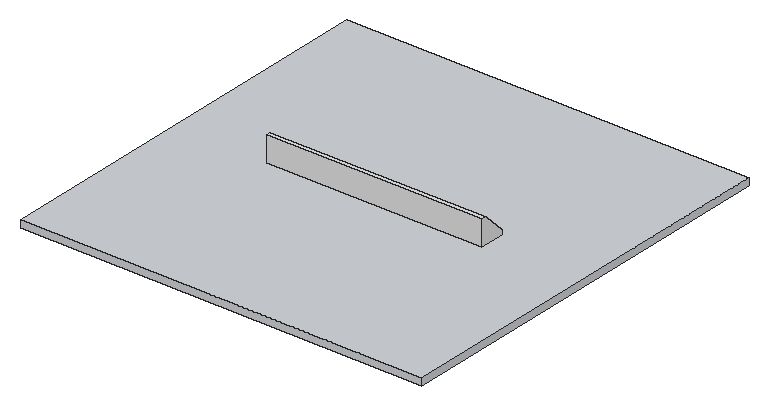
Revit family "Thorn DUROLIGHT-C", category Lighting Fixtures, host Face, Revit 2018
Family settings
  Host = Face
  Round Connector Dimension = Use Diameter
  Part Type = Normal
  OmniClass Number = 23.80.70.11
  OmniClass Title = Luminaries for Internal Lighting
  Cut with Voids When Loaded = No
  Light Source = Yes
  Shared = No
  Room Calculation Point = No
Parameters (values of type "DUROLIGHT-C 4500-840 HFIX L1515")
  Width = 175 mm  # constant formula
  Wattage Comments = ""
  Wattage = 30.2743 W
  built-in parameter 1150110 = 1 (stored number, unit not read)
  Voltage = 230 V
  URL = "www.thornlighting.com/96633078"
  Type Comments = "© Thorn. We reserve the right to make technical changes without prior notice."  # constant formula
  built-in parameter 1114217 = 1 (stored number, unit not read)
  Tilt Angle = -90.00°
  built-in parameter 1150109 = 1 (stored number, unit not read)
  built-in parameter 1150134 = 12
  built-in parameter 1150113 = 1 (stored number, unit not read)
  Photometric Web File = "60300078_(STD_LEO).IES"
  Model = "96633078"
  Manufacturer = "Thorn Lighting"  # constant formula
  built-in parameter 1150105 = 357.86 (stored number, unit not read)
  Lumens = 4497 lm
  built-in parameter 1150115 = 1 (stored number, unit not read)
  built-in parameter 1150137 = (empty or 0)
  built-in parameter 1150139 = (empty or 0)
  Length = 1515 mm  # constant formula
  built-in parameter 1150112 = 1 (stored number, unit not read)
  built-in parameter 1150114 = 1 (stored number, unit not read)
  Lamp = "LED"
  built-in parameter 1150132 = 2
  built-in parameter 1150102 = (empty or 0)
  built-in parameter 1150107 = 4000 (stored number, unit not read)
  built-in parameter 1150138 = (empty or 0)
  built-in parameter 1150106 = 3.5786 (stored number, unit not read)
  Height = 175 mm  # constant formula
  Emit from Rectangle Width = Length - 70 mm  # 1445 mm
  Emit from Rectangle Length = 135 mm  # constant formula
  Emit Shape Visible in Rendering = no
  built-in parameter 1150104 = 13.8 (stored number, unit not read)
  Dimming Lamp Color Temperature Shift = <None>
  Description = "Surface mount LED luminaire"  # constant formula
  Default Elevation = 0 mm
  Cover = Thorn_PMMA
  Color Filter = 16777215
  Body = Thorn_Metal_Light_Grey
  built-in parameter 1114218 = 1 (stored number, unit not read)
  built-in parameter 1150133 = 10 (stored number, unit not read)
  Assembly Code = "D5020200"
  Apparent Load = 47.7 VA
Reference planes
  plane 1 "Center (Front/Back)": y = 0
  plane 2 "Top": z = 0
  plane 3 "Center (Left/Right)": x = 399.5
  plane 4: y = 87.5
  plane 5 "Bottom": y = -87.5
  plane 6 "Left": x = -358
  plane 7 "Right": x = 1157
  plane 8 "Top Body": z = 175
  plane 9: x = -338
  plane 10: x = 1137
  plane 11: through (0, 87.5, 30) normal (0, 0.7071, 0.7071)
  plane 12: through (0, -57.5, 175) normal (0, 0.7071, -0.7071)
  plane 13: through (0, 87.5, 30) normal (0, 0.7071, -0.7071)
  plane 14: through (0, -43.358, 160.858) normal (0, 0.7071, -0.7071)
  plane 15: through (0, 73.358, 44.142) normal (0, 0.7071, -0.7071)
  plane 16: through (0, 73.358, 15.858) normal (0, 0.7071, 0.7071)
  plane 17: through (0, 62.751, 54.749) normal (0, 0.7071, -0.7071)
  plane 18: through (0, -32.751, 150.251) normal (0, 0.7071, -0.7071)
  plane 19: x = -323
  plane 20: x = 1122
Forms (mm)
  Extrusion 1, solid
    sketch origin (0, 0, 0) x (1, 0, 0) y (0, 1, 0)
      loop
        line (-1010.5, 1431.145) -> (-1010.5, -1431.145) -> (1809.5, -1431.145) -> (1809.5, 1431.145) -> (-1010.5, 1431.145)
    from 0 to -52.502
  Extrusion 2, solid, material "Thorn_Metal_Light_Grey" <- "Body"
    sketch origin (399.5, 0, 0) x (0, 0, -1) y (0, 1, 0)
      loop
        line (0, 87.5) -> (-30, 87.5) -> (-175, -57.5) -> (-175, -87.5) -> (0, -87.5) -> (0, 87.5)
    from -757.5 to 757.5
  Extrusion 3, void
    sketch origin (399.5, -407.961, 164.827) x (0, 0, -1) y (0, -1, 0)
      loop
        line (134.827, -467.177) -> (18.111, -350.461) -> (3.969, -364.603) -> (120.685, -481.319) -> (134.827, -467.177)
    from -737.5 to 737.5
  Extrusion 4, solid, material "Thorn_Metal_Light_Grey" <- "Body"
    sketch origin (399.5, -407.961, 164.827) x (0, 0, -1) y (0, -1, 0)
      loop
        line (124.22, -456.57) -> (110.078, -470.712) -> (120.685, -481.319) -> (134.827, -467.177) -> (124.22, -456.57)
      loop
        line (18.111, -350.461) -> (3.969, -364.603) -> (14.576, -375.21) -> (28.718, -361.067) -> (18.111, -350.461)
    from -722.5 to 722.5
  Extrusion 5, solid, material "Thorn_Metal_Light_Grey" <- "Body"
    sketch origin (399.5, -407.961, 164.827) x (0, 0, -1) y (0, -1, 0)
      loop
        line (120.685, -481.319) -> (134.827, -467.177) -> (18.111, -350.461) -> (3.969, -364.603) -> (120.685, -481.319)
    from 722.5 to 737.5
  Extrusion 6, solid, material "Thorn_Metal_Light_Grey" <- "Body"
    sketch origin (399.5, -407.961, 164.827) x (0, 0, -1) y (0, -1, 0)
      loop
        line (120.685, -481.319) -> (134.827, -467.177) -> (18.111, -350.461) -> (3.969, -364.603) -> (120.685, -481.319)
    from -737.5 to -722.5
  Extrusion 7, solid, material "Thorn_PMMA" <- "Cover"
    sketch origin (399.5, -407.961, 164.827) x (0, 0, -1) y (0, -1, 0)
      loop
        line (124.22, -456.57) -> (28.718, -361.067) -> (14.576, -375.21) -> (110.078, -470.712) -> (124.22, -456.57)
    from -722.5 to 722.5
Cuts and joins
  Extrusion 3 cuts Extrusion 2
  joined: Extrusion 4, Extrusion 5, Extrusion 6
Dimensions and locks
  plane 6 "Left" to plane 9 to plane 19 = 20 mm locked, 15 mm locked
  plane 20 to plane 10 to plane 7 "Right" = 15 mm locked, 20 mm locked
  equal spacing: plane 6 "Left", plane 3 "Center (Left/Right)", plane 7 "Right"
  "Length": plane 6 "Left" to plane 7 "Right"
  aligned and locked: Extrusion 1 to plane 2 "Top"
  aligned and locked: Extrusion 2 to plane 7 "Right"
  aligned and locked: plane 2 "Top" to Extrusion 2 sketch curve
  aligned and locked: Extrusion 2 sketch curve to plane 5 "Bottom"
  aligned and locked: Extrusion 2 to plane 6 "Left"
  aligned and locked: Extrusion 3 sketch curve to plane 16
  aligned and locked: Extrusion 3 sketch curve to plane 15
  aligned and locked: Extrusion 3 sketch curve to plane 14
  aligned and locked: Extrusion 3 sketch curve to plane 11
  aligned and locked: Extrusion 3 to plane 10
  aligned and locked: Extrusion 3 to plane 9
  aligned and locked: Extrusion 4 sketch curve to plane 17
  aligned and locked: Extrusion 4 sketch curve to plane 15
  aligned and locked: Extrusion 4 sketch curve to plane 16  (x2)
  aligned and locked: Extrusion 4 sketch curve to plane 11  (x2)
  aligned and locked: Extrusion 4 sketch curve to plane 14
  aligned and locked: Extrusion 4 sketch curve to plane 18
  aligned and locked: Extrusion 5 sketch curve to plane 11
  aligned and locked: Extrusion 5 sketch curve to plane 16
  aligned and locked: Extrusion 5 sketch curve to plane 14
  aligned and locked: Extrusion 5 sketch curve to plane 15
  aligned and locked: Extrusion 6 sketch curve to plane 14
  aligned and locked: Extrusion 6 sketch curve to plane 11
  aligned and locked: Extrusion 6 sketch curve to plane 16
  aligned and locked: Extrusion 6 sketch curve to plane 15
  aligned and locked: Extrusion 6 to plane 10
  aligned and locked: plane 20 to Extrusion 6
  aligned and locked: Extrusion 5 to plane 9
  aligned and locked: plane 19 to Extrusion 5
  aligned and locked: Extrusion 4 to plane 19
  aligned and locked: Extrusion 4 to plane 20
  aligned and locked: Extrusion 7 sketch curve to plane 17
  aligned and locked: Extrusion 7 sketch curve to plane 18
  aligned and locked: Extrusion 7 sketch curve to plane 16
  aligned and locked: Extrusion 7 sketch curve to plane 11
  aligned and locked: Extrusion 7 to plane 20
  aligned and locked: Extrusion 7 to plane 19
Automatic sketch dimensions
  Extrusion 1 sketch curve to Extrusion 1 sketch curve = 2820 mm
  Extrusion 1 sketch curve to Extrusion 1 sketch curve = 2862.29 mm
  Extrusion 2 sketch curve to plane 8 "Top Body" = 0 mm
  Extrusion 2 sketch curve to plane 4 = 0 mm
  Extrusion 2 sketch curve to plane 11 = 0 mm  (x2)
Connectors
  electrical at (399.5, 0, 0), driven by "Voltage", driven by "Apparent Load"
    settings: on cut or joined group of Extrusion 2, Extrusion 3, index 1, voltage 230 V, apparent load 47.7 VA, apparent load phase1 0 VA, apparent load phase2 0 VA, apparent load phase3 0 VA, power factor 1, load classification "Lighting", number of poles 1, system type 30, power factor state 1, is connector primary yes, connector utility no, sub classification motor no, connector description ""
